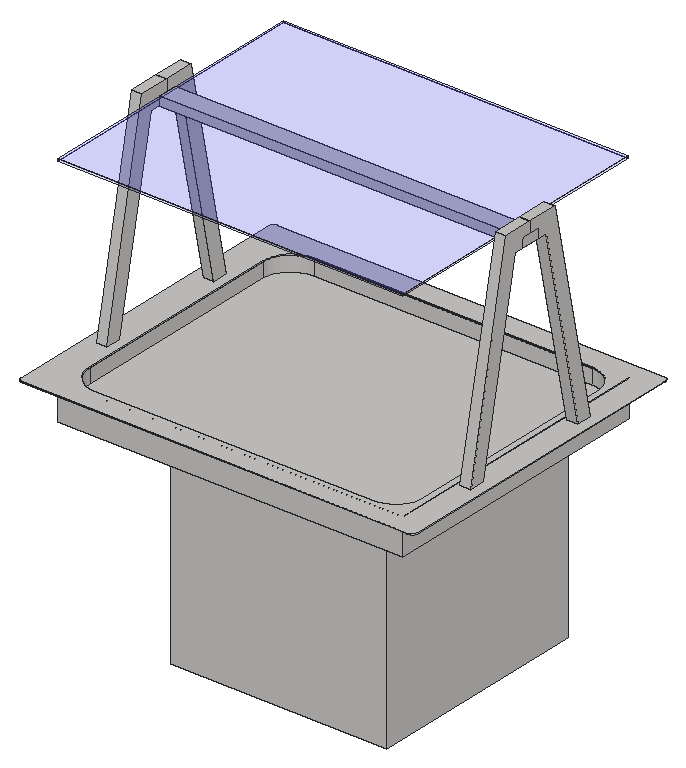
Revit family "QF_ELECTROLUXPROFESSIONAL_341168_D21C2O", category Attrezzature speciali, Revit 2020
Family settings
  Quota connettore circolare = Usa diametro
  Tipo di parte = Normale
  Basato su piano di lavoro = No
  Sempre verticale = Sì
  Taglio con vuoti quando caricato = No
  Condiviso = No
  Punto di calcolo locali = No
Parameters (values of type "Standard")
  Weight = 53.06 kg
  Watts = 0 W
  Volts = 220 V
  URL Manufacturer = "https://www.electroluxprofessional.com/"
  URL = "https://www.electroluxprofessional.com/"
  Steam Supply Size = 0 mm
  Steam Supply Minimum Pressure = 0.0 Pa
  Steam Supply Maximum Pressure = 0.0 Pa
  Steam Consumption per Hour = 0
  Refrigeration Suction Line Size = 0 mm
  Refrigeration Liquid Line Size = 0 mm
  Refrigerant Compressor Remote = yes
  Prospetto di default = 0 mm
  Produttore = "Electrolux Professional"
  Phase = 1
  Modello = "D21C2O"
  Length Actual = 770 mm  # constant formula
  Item Number = "341168"
  Hot Water Size = 0 mm
  Height Actual = 784 mm  # constant formula
  HP = "0 HP"
  Gas Size = 0 mm
  Gas KW = 0
  Gas Input Pressure = 0 W
  Direct Waste Size = 0 mm
  Descrizione = "DROP-IN REFRIGERATED QUARTZ SURFACE, 2GN WITH A TYPE OVERSHELF AND LED LIGHT"
  Depth Actual = 620 mm  # constant formula
  Cycle = 50 Hz
  Condensate Return Size = 0 mm
  Compressed Air Volume = 0.0 L/s
  Compressed Air Size = 0 mm
  Compressed Air Pressure = 0.0 Pa
  Cold Water Size = 0 mm
  Accessory = yes
Reference planes
  plane 1 "BACK": y = 0
  plane 2: z = 5.426
  plane 3 "LEFT": x = 0
  plane 4: y = -620
  plane 5: z = 409.426
  plane 6: y = -310
  plane 7: x = 710
  plane 8: x = 1078
Forms (mm)
  Extrusion 1, solid, material "QF_Finishes_Stainless Steel"
    sketch origin (-320, 0, 5.426) x (1, 0, 0) y (0, 1, 0)
      loop
        arc (330, 0) -> (322.929, -2.929) -> (320, -10) r 10
        line (320, -10) -> (320, -610)
        arc (320, -610) -> (322.929, -617.071) -> (330, -620) r 10
        line (330, -620) -> (1080, -620)
        arc (1080, -620) -> (1087.071, -617.071) -> (1090, -610) r 10
        line (1090, -610) -> (1090, -10)
        arc (1090, -10) -> (1087.071, -2.929) -> (1080, 0) r 10
        line (1080, 0) -> (330, 0)
    from 0 to 1
  Extrusion 2, solid, material "QF_Finishes_Stainless Steel"
    sketch origin (0, 0, 12.548) x (1, 0, 0) y (0, 1, 0)
      loop
        line (50, -35) -> (50, -585) -> (720, -585) -> (720, -35) -> (50, -35)
    from -77.122 to -7.122
  Extrusion 3, void
    sketch origin (0, 0, -2.817) x (1, 0, 0) y (0, 1, 0)
      loop
        arc (115, -45) -> (76.109, -61.109) -> (60, -100) r 55
        line (60, -100) -> (60, -520)
        arc (60, -520) -> (76.109, -558.891) -> (115, -575) r 55
        line (115, -575) -> (655, -575)
        arc (655, -575) -> (693.891, -558.891) -> (710, -520) r 55
        line (710, -520) -> (710, -100)
        arc (710, -100) -> (693.891, -61.109) -> (655, -45) r 55
        line (655, -45) -> (115, -45)
    from -21.077 to 9.244
  Extrusion 4, solid, material "QF_Finishes_Stainless Steel"
    sketch origin (21.5, -620, 0) x (0, -1, 0) y (0, 0, -1)
      loop
        line (-310, -409.426) -> (-250.873, -409.426) -> (-165, -5.426) -> (-195, -5.426) -> (-272.583, -370.426) -> (-310, -370.426) -> (-310, -409.426)
    from 0 to 20
  Extrusion 5, solid, material "QF_Finishes_Stainless Steel"
    sketch origin (21.5, 0, 0) x (0, 1, 0) y (0, 0, 1)
      loop
        line (-310, 409.426) -> (-310, 370.426) -> (-272.583, 370.426) -> (-195, 5.426) -> (-165, 5.426) -> (-250.873, 409.426) -> (-310, 409.426)
    from 0 to 20
  Extrusion 6, solid, material "QF_Finishes_Stainless Steel"
    sketch origin (748, -620, 0) x (0, -1, 0) y (0, 0, 1)
      loop
        line (-310, 409.426) -> (-310, 370.426) -> (-272.583, 370.426) -> (-195, 5.426) -> (-165, 5.426) -> (-250.873, 409.426) -> (-310, 409.426)
    from 0 to 20
  Extrusion 7, solid, material "QF_Finishes_Stainless Steel"
    sketch origin (748, 0, 0) x (0, 1, 0) y (0, 0, -1)
      loop
        line (-310, -409.426) -> (-250.873, -409.426) -> (-165, -5.426) -> (-195, -5.426) -> (-272.583, -370.426) -> (-310, -370.426) -> (-310, -409.426)
    from 0 to 20
  Extrusion 8, solid, material "QF_Finishes_Stainless Steel"
    sketch origin (0, 0, 0) x (0, 1, 0) y (0, 0, 1)
      loop
        line (-291.292, 370.426) -> (-291.292, 387.956) -> (-328.917, 387.956) -> (-328.917, 370.426) -> (-291.292, 370.426)
    from 21.5 to 748
  Extrusion 9, solid, material "Vetro"
    sketch origin (0, 0, 5.426) x (1, 0, 0) y (0, 1, 0)
      loop
        line (50, -35) -> (50, -585) -> (720, -585) -> (720, -35) -> (50, -35)
    from 382.529 to 387.529
  Extrusion 10, solid, material "QF_Finishes_Stainless Steel"
    sketch origin (483.814, -169.308, -122.574) x (1, 0, 0) y (0, 1, 0)
      loop
        circle (-372.814, -140.692) r 12.7
    from 5 to 58
  Extrusion 11, solid, material "QF_Finishes_Stainless Steel"
    sketch origin (-668.186, -10.639, 12) x (1, 0, 0) y (0, 0, 1)
      loop
        line (1313.186, -76.574) -> (893.186, -76.574) -> (893.186, -459.574) -> (1313.186, -459.574) -> (1313.186, -76.574)
    from 79.471 to 519.252
Cuts and joins
  Extrusion 3 cuts Extrusion 1
  Extrusion 3 cuts Extrusion 2
Dimensions and locks
  equal spacing: Extrusion 1, Extrusion 2 sketch curve, Extrusion 2 sketch curve, Extrusion 1  (x2)
  Extrusion 1 to Extrusion 1 = 770 mm
  Extrusion 1 to plane 1 "BACK" = 620 mm
  equal spacing: Extrusion 2, Extrusion 3 sketch curve, Extrusion 3 sketch curve, Extrusion 2  (x2)
  plane 5 to plane 2 = 404 mm
  aligned and locked: level to plane 2
Connectors
  piping at (111, -310, -117.574), diameter 25.4
    settings: on Extrusion 10, index 5, connector inside diameter 609.6 mm, connector length 0 mm, flow factor 0, pipe flow 0.0 L/s, pressure drop 0.0 Pa, fitting loss kfactor 0, connector angle 0.00°, fixture units 0, engagement length 0 mm, angle of deflection 0.00°, flow configuration 0, flow direction 0, fitting loss method 0, system type 29, joint type 0, gender type 0, connector reference index -1, connector utility 0, adjustable connector no, is connector primary yes, connector description "D"
